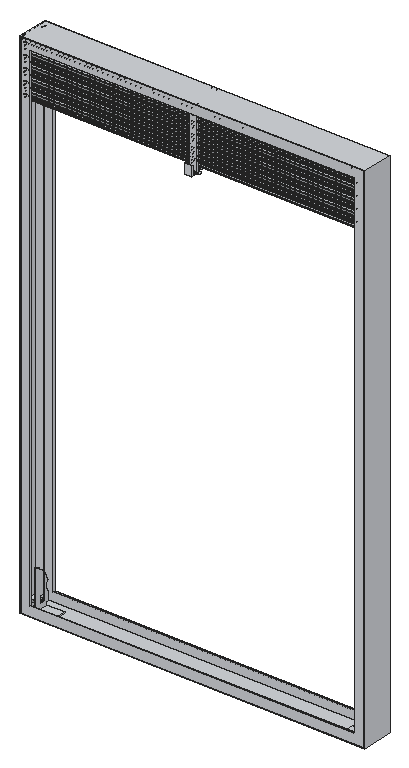
Revit family "FDD-ASL", category Mechanical Equipment, Revit 2015
Parameters
  URL = "https://unitedenertech.com/catalog/pdf/A-16%20%20FDD-ASL.pdf"
  Type Comments = "Max. Sizes are (Vertical 72\"w x 36\"h) (Horizontal 36\"w x 36\"h)"
  Model = "FDD-ASL"
  Manufacturer = "United Enertech Corporation"
  Keynote = ""
  Exact Width = 2' - 0"
  EFL Height [instance] = Blade Pair Number * 0' 0 13/32" + 0' 0 41/64"  # 0' - 4 19/64"
  Description = "Slimline Curtain Fire Damper for use in Static or Dynamic Systems"
  Depth = 0' - 2 3/16"
  Damper Height = 3' - 0"
  Blade Width [instance] = Exact Width - 0' 0 1/8"  # 1' - 11 7/8"
  Blade Pair Number [instance] = (Damper Height - 0' 0 9/128") / 0' 3 7/8"  # 9
Reference planes (in)
  plane 1 "Center (Front/Back)": y = 0
  plane 2: z = 0
  plane 3 "Center (Left/Right)": x = 0
  plane 4: x = -12
  plane 5: x = 12
  plane 6: z = 36
  plane 7: x = -11.9641
  plane 8: x = 11.9641
  plane 9: z = 0.0359
  plane 10: z = 35.9641
  plane 11: y = 1.09375
  plane 12: y = -1.09375
  plane 13: y = -0.96875
  plane 14: y = 0.96875
  plane 15: z = 0.6609
  plane 16: x = -11.3391
  plane 17: x = 11.3391
  plane 18: z = 35.3391
  plane 19: x = -0.25
  plane 20: x = 0.25
  plane 21: z = 31.66723
  plane 22: z = 31.70313
  plane 23: z = 0.2234
  plane 24: z = 35.7766
  plane 25: x = 11.7766
  plane 26: x = -11.7766
Forms (in)
  Extrusion 1, solid
    sketch origin (0, 0, 0) x (1, 0, 0) y (0, 0, 1)
      loop
        line (-11.9641, 35.9641) -> (-11.9641, 0.0359) -> (11.9641, 0.0359) -> (11.9641, 35.9641) -> (-11.9641, 35.9641)
      loop
        line (-12, 36) -> (-12, 0) -> (12, 0) -> (12, 36) -> (-12, 36)
    from -1.09375 to 1.09375
  Extrusion 2, solid
    sketch origin (0, 0, 0) x (1, 0, 0) y (0, 0, 1)
      loop
        line (-11.3391, 35.3391) -> (-11.3391, 0.6609) -> (11.3391, 0.6609) -> (11.3391, 35.3391) -> (-11.3391, 35.3391)
      loop
        line (-11.9641, 35.9641) -> (-11.9641, 0.0359) -> (11.9641, 0.0359) -> (11.9641, 35.9641) -> (-11.9641, 35.9641)
    from 0.96875 to 1.09375
  Extrusion 3, solid
    sketch origin (0, 0, 0) x (1, 0, 0) y (0, 0, 1)
      loop
        line (-11.3391, 35.3391) -> (-11.3391, 0.6609) -> (11.3391, 0.6609) -> (11.3391, 35.3391) -> (-11.3391, 35.3391)
      loop
        line (-11.9641, 35.9641) -> (-11.9641, 0.0359) -> (11.9641, 0.0359) -> (11.9641, 35.9641) -> (-11.9641, 35.9641)
    from -1.09375 to -0.96875
  Extrusion 4, solid
    sketch origin (0, 0, 0) x (0, 1, 0) y (0, 0, 1)
      loop
        line (0.96875, 35.9641) -> (0.93285, 35.9641) -> (0.93285, 31.66723) -> (1.43285, 31.66723) -> (1.43285, 32.33598) -> (1.39695, 32.33598) -> (1.39695, 31.70313) -> (0.96875, 31.70313) -> (0.96875, 35.9641)
    from -0.25 to 0.25
  Extrusion 5, solid
    sketch origin (0, 0, 0) x (0, -1, 0) y (0, 0, -1)
      loop
        line (0.96875, -35.9641) -> (0.96875, -31.70313) -> (1.39695, -31.70313) -> (1.39695, -32.33598) -> (1.43285, -32.33598) -> (1.43285, -31.66723) -> (0.93285, -31.66723) -> (0.93285, -35.9641) -> (0.96875, -35.9641)
    from -0.25 to 0.25
  Extrusion 6, solid
    sketch origin (0, 0, 0) x (0, 1, 0) y (0, 0, 1)
      loop
        line (0.18683, 0.46965) -> (0.18683, 31.66723) -> (0.15093, 31.66723) -> (0.15093, 0.46965) -> (0.18683, 0.46965)
    from 11.3391 to 11.9641
  Extrusion 7, solid
    sketch origin (0, 0, 0) x (0, 1, 0) y (0, 0, 1)
      loop
        line (0.18683, 0.46965) -> (0.18683, 31.66723) -> (0.15093, 31.66723) -> (0.15093, 0.46965) -> (0.18683, 0.46965)
    from -11.3391 to -11.9641
  Extrusion 8, solid
    sketch origin (0, 0, 0) x (0, 1, 0) y (0, 0, 1)
      loop
        arc (0.18683, 31.66723) -> (0.08831, 32.05976) -> (-0.15941, 32.37979) r 0.98736
        line (-0.15941, 32.37979) -> (-0.18442, 32.35478)
        arc (-0.18442, 32.35478) -> (0.05139, 32.04424) -> (0.15093, 31.66723) r 1.00288
        line (0.15093, 31.66723) -> (0.18683, 31.66723)
    from 11.3391 to 11.9641
  Extrusion 9, solid
    sketch origin (0, 0, 0) x (0, 1, 0) y (0, 0, 1)
      loop
        arc (0.18683, 31.66723) -> (0.08831, 32.05976) -> (-0.15941, 32.37979) r 0.98736
        line (-0.15941, 32.37979) -> (-0.18442, 32.35478)
        arc (-0.18442, 32.35478) -> (0.05139, 32.04424) -> (0.15093, 31.66723) r 1.00288
        line (0.15093, 31.66723) -> (0.18683, 31.66723)
    from -11.9641 to -11.3391
Dimensions and locks (in)
  equal spacing: plane 4, plane 3 "Center (Left/Right)", plane 5
  "Exact Width": plane 4 to plane 5
  "Damper Height": plane 6 to level
  locked: plane 7 to plane 4 at 0.0359
  locked: plane 5 to plane 8 at 0.0359
  locked: plane 6 to plane 10 at 0.0359
  locked: plane 9 to level at 0.0359
  "Depth": plane 11 to plane 12
  locked: plane 13 to plane 12 at 0.125
  locked: plane 11 to plane 14 at 0.125
  locked: plane 16 to plane 7 at 0.625
  locked: plane 8 to plane 17 at 0.625
  locked: plane 15 to plane 9 at 0.625
  locked: plane 10 to plane 18 at 0.625
  equal spacing: group 1, group 2, group 3, group 4, group 5, group 6, group 7, group 8, group 9  (x2)
  equal spacing: group 9, group 8, group 7, group 6, group 5, group 4, group 3, group 2, group 1
  locked: nested 1 to nested 2 at 0.40625
  "EFL Height": plane 10 to plane 21
  locked: plane 22 to plane 21 at 0.0359
  locked: plane 23 to level at 0.2234
  locked: plane 6 to plane 24 at 0.2234
  locked: plane 4 to plane 26 at 0.2234
  locked: plane 5 to plane 25 at 0.2234
  equal spacing: plane 11, plane 1 "Center (Front/Back)", plane 12
  aligned and locked: level to plane 2
  aligned and locked: level to Extrusion 1 sketch curve
  aligned and locked: Extrusion 1 sketch curve to plane 4
  aligned and locked: Extrusion 1 sketch curve to plane 5
  aligned and locked: Extrusion 1 sketch curve to plane 6
  aligned and locked: Extrusion 1 sketch curve to plane 10
  aligned and locked: Extrusion 1 sketch curve to plane 8
  aligned and locked: plane 9 to Extrusion 1 sketch curve
  aligned and locked: plane 7 to Extrusion 1 sketch curve
  aligned and locked: plane 9 to Extrusion 2 sketch curve
  aligned and locked: plane 7 to Extrusion 2 sketch curve
  aligned and locked: Extrusion 2 sketch curve to plane 8
  aligned and locked: Extrusion 2 sketch curve to plane 10
  aligned and locked: Extrusion 2 sketch curve to plane 18
  aligned and locked: Extrusion 2 sketch curve to plane 17
  aligned and locked: plane 15 to Extrusion 2 sketch curve
  aligned and locked: Extrusion 2 sketch curve to plane 16
  aligned and locked: plane 11 to Extrusion 3
  aligned and locked: Extrusion 3 to plane 14
  aligned and locked: plane 13 to Extrusion 2
  aligned and locked: Extrusion 2 to plane 12
  aligned and locked: plane 3 "Center (Left/Right)" to nested 1
  aligned and locked: plane 10 to nested 1
  aligned and locked: plane 19 to Extrusion 5
  aligned and locked: plane 19 to Extrusion 4
  aligned and locked: plane 20 to Extrusion 5
  aligned and locked: plane 20 to Extrusion 4
  aligned and locked: Extrusion 5 sketch curve to plane 21
  aligned and locked: plane 21 to Extrusion 4 sketch curve
  aligned and locked: plane 22 to Extrusion 4 sketch curve
  aligned and locked: Extrusion 5 sketch curve to plane 22
  aligned and locked: nested 4 to plane 22
  aligned and locked: nested 6 to plane 7
  aligned and locked: plane 8 to nested 7
  aligned and locked: Extrusion 6 sketch curve to plane 21
  aligned and locked: Extrusion 7 to plane 7
  aligned and locked: Extrusion 7 to plane 16
  aligned and locked: Extrusion 6 to plane 17
  aligned and locked: Extrusion 6 to plane 8
  aligned and locked: Extrusion 8 sketch curve to plane 21
  aligned and locked: Extrusion 9 to plane 7
  aligned and locked: Extrusion 9 to plane 16
  aligned and locked: plane 8 to Extrusion 8
  aligned and locked: Extrusion 8 to plane 17
  aligned and locked: Extrusion 1 to plane 12
  aligned and locked: plane 11 to Extrusion 1
Automatic sketch dimensions
  Extrusion 3 sketch curve to plane 7 = 0' - 0"
  Extrusion 3 sketch curve to plane 15 = 0' - 0"
  plane 16 to Extrusion 3 sketch curve = 0' - 0"
  Extrusion 3 sketch curve to plane 17 = 0' - 0"
  plane 8 to Extrusion 3 sketch curve = 0' - 0"
  Extrusion 3 sketch curve to plane 9 = 0' - 0"
  Extrusion 3 sketch curve to plane 18 = 0' - 0"
  Extrusion 3 sketch curve to plane 10 = 0' - 0"
  Extrusion 4 sketch curve to plane 10 = 0' - 0"
  Extrusion 4 sketch curve to plane 14 = 0' - 0"
  Extrusion 4 sketch curve to plane 14 = 0' - 0.0359"
  plane 11 to Extrusion 4 sketch curve = 0' - 0.3032"
  Extrusion 4 sketch curve to Extrusion 4 sketch curve = 0' - 0.0359"
  plane 22 to Extrusion 4 sketch curve = 0' - 0.63285"
  Extrusion 5 sketch curve to plane 10 = 0' - 0"
  Extrusion 5 sketch curve to plane 13 = 0' - 0"
  Extrusion 5 sketch curve to plane 13 = 0' - 0.0359"
  plane 12 to Extrusion 5 sketch curve = 0' - 0.3032"
  Extrusion 5 sketch curve to Extrusion 5 sketch curve = 0' - 0.0359"
  Extrusion 5 sketch curve to plane 22 = 0' - 0.63285"
  Extrusion 6 sketch curve to plane 1 "Center (Front/Back)" = 0' - 0.15093"
  Extrusion 6 sketch curve to Extrusion 6 sketch curve = 0' - 0.0359"
  Extrusion 6 sketch curve to plane 15 = 0' - 0.19125"
  Extrusion 7 sketch curve to plane 21 = 0' - 0"
  Extrusion 7 sketch curve to plane 1 "Center (Front/Back)" = 0' - 0.15093"
  Extrusion 7 sketch curve to Extrusion 7 sketch curve = 0' - 0.0359"
  Extrusion 7 sketch curve to plane 15 = 0' - 0.19125"
  plane 13 to Extrusion 8 sketch curve = 0' - 0.11876"
  Extrusion 8 sketch curve to Extrusion 8 sketch curve = 0' - 0.05023"
  plane 1 "Center (Front/Back)" to Extrusion 8 sketch curve = 0' - 0.18442"
  Extrusion 8 sketch curve to Extrusion 8 sketch curve = 0' - 0.02501"
  Extrusion 8 sketch curve to plane 1 "Center (Front/Back)" = 0' - 0.15093"
  Extrusion 8 sketch curve to Extrusion 8 sketch curve = 0' - 0.0359"
  Extrusion 8 sketch curve to plane 21 = 0' - 0.03898"
  Extrusion 8 sketch curve to Extrusion 8 sketch curve = 0' - 0.02364"
  Extrusion 9 sketch curve to plane 21 = 0' - 0"
  plane 13 to Extrusion 9 sketch curve = 0' - 0.11876"
  Extrusion 9 sketch curve to Extrusion 9 sketch curve = 0' - 0.05023"
  plane 1 "Center (Front/Back)" to Extrusion 9 sketch curve = 0' - 0.18442"
  Extrusion 9 sketch curve to Extrusion 9 sketch curve = 0' - 0.02501"
  Extrusion 9 sketch curve to plane 1 "Center (Front/Back)" = 0' - 0.15093"
  Extrusion 9 sketch curve to Extrusion 9 sketch curve = 0' - 0.0359"
  Extrusion 9 sketch curve to plane 21 = 0' - 0.03898"
  Extrusion 9 sketch curve to Extrusion 9 sketch curve = 0' - 0.02364"
Nested families (in)
  nested 1: "FD-SALB BLADESEDITED" at (0, 1.17008, 35.12138), type "FD-SALB BLADESEDITED"
  nested 2: "FD-SALB BLADESEDITED" at (0, 1.17008, 34.71513), type "FD-SALB BLADESEDITED"
  nested 3: "FD-SALB BLADESEDITED" at (0, 1.17008, 34.30888), type "FD-SALB BLADESEDITED"
  nested 4: "EFL" at (4.62017, 3.54736, 31.70313), type "EFL"
  nested 5: "FD-SALB BLADESEDITED" at (0, 1.17008, 33.90263), type "FD-SALB BLADESEDITED"
  nested 6: "Fire Damper Spring" at (-11.41019, -4.48368, -2.82915) x (0, 1, 0) z (0, 0, 1), type "Fire Damper Spring"
  nested 7: "Fire Damper Spring" at (11.41019, -4.48368, -2.82915) x (0, 1, 0) z (0, 0, 1), type "Fire Damper Spring"
  nested 8: "FD-SALB BLADESEDITED" at (0, 1.17008, 33.49638), type "FD-SALB BLADESEDITED"
  nested 9: "FD-SALB BLADESEDITED" at (0, 1.17008, 33.09013), type "FD-SALB BLADESEDITED"
  nested 10: "FD-SALB BLADESEDITED" at (0, 1.17008, 32.68388), type "FD-SALB BLADESEDITED"
  nested 11: "FD-SALB BLADESEDITED" at (0, 1.17008, 32.27763), type "FD-SALB BLADESEDITED"
  nested 12: "FD-SALB BLADESEDITED" at (0, 1.17008, 31.87138), type "FD-SALB BLADESEDITED"
Definition of nested family "FD-SALB BLADESEDITED"
  Parameters (values of type "FD-SALB BLADESEDITED")
    Blade Width = 1' - 11 7/8"
  Reference planes (in)
    plane 1 "Center (Front/Back)": y = 0
    plane 2: z = 0
    plane 3 "Center (Left/Right)": x = 0
    plane 4: x = -11.9375
    plane 5: x = 11.9375
  Forms (in)
    Extrusion 1, solid
      sketch origin (0, 0, 0) x (0, 1, 0) y (0, 0, 1)
        loop
          line (-0.31672, 0.53073) -> (-0.3446, 0.62657)
          arc (-0.3446, 0.62657) -> (-0.33726, 0.6415) -> (-0.32269, 0.63348) r 0.0115
          line (-0.32269, 0.63348) -> (-0.30545, 0.53536)
          arc (-0.30545, 0.53536) -> (-0.31611, 0.49773) -> (-0.35217, 0.48264) r 0.045
          line (-0.35217, 0.48264) -> (-0.39872, 0.48554)
          arc (-0.39872, 0.48554) -> (-0.42675, 0.49692) -> (-0.44125, 0.52348) r 0.045
          line (-0.44125, 0.52348) -> (-0.47071, 0.66865)
          arc (-0.47071, 0.66865) -> (-0.48965, 0.70349) -> (-0.5262, 0.7189) r 0.06
          line (-0.5262, 0.7189) -> (-1.55698, 0.78305) -> (-1.76244, 0.79584)
          arc (-1.76244, 0.79584) -> (-1.79846, 0.78683) -> (-1.82228, 0.75836) r 0.06
          line (-1.82228, 0.75836) -> (-1.88016, 0.61423)
          arc (-1.88016, 0.61423) -> (-1.90974, 0.57877) -> (-1.95445, 0.56733) r 0.075
          arc (-1.95445, 0.56733) -> (-2.03902, 0.60869) -> (-2.06957, 0.69773) r 0.123
          line (-2.06957, 0.69773) -> (-2.06418, 0.78456)
          arc (-2.06418, 0.78456) -> (-2.05371, 0.80551) -> (-2.03138, 0.81256) r 0.03
          line (-2.03138, 0.81256) -> (-1.90763, 0.80489) -> (-1.90763, 0.8362) -> (-2.01284, 0.84272) -> (-2.04641, 0.84272)
          arc (-2.04641, 0.84272) -> (-2.08042, 0.82292) -> (-2.09536, 0.7865) r 0.06125
          line (-2.09536, 0.7865) -> (-2.10077, 0.69966)
          arc (-2.10077, 0.69966) -> (-2.06244, 0.58801) -> (-1.95639, 0.53614) r 0.15425
          arc (-1.95639, 0.53614) -> (-1.89306, 0.55235) -> (-1.8512, 0.60257) r 0.10625
          line (-1.8512, 0.60257) -> (-1.7933, 0.74674)
          arc (-1.7933, 0.74674) -> (-1.78183, 0.76038) -> (-1.76452, 0.76466) r 0.02875
          line (-1.76452, 0.76466) -> (-1.55892, 0.75186) -> (-0.52813, 0.68773)
          arc (-0.52813, 0.68773) -> (-0.51045, 0.68016) -> (-0.50148, 0.66314) r 0.02875
          line (-0.50148, 0.66314) -> (-0.47199, 0.51784)
          arc (-0.47199, 0.51784) -> (-0.4474, 0.47346) -> (-0.4004, 0.45434) r 0.07625
          line (-0.4004, 0.45434) -> (-0.35398, 0.45144)
          arc (-0.35398, 0.45144) -> (-0.29278, 0.47694) -> (-0.27468, 0.54073) r 0.07625
          line (-0.27468, 0.54073) -> (-0.29191, 0.63889)
          arc (-0.29191, 0.63889) -> (-0.33988, 0.67434) -> (-0.37768, 0.6282) r 0.04327
          line (-0.37768, 0.6282) -> (-0.34677, 0.52199) -> (-0.31672, 0.53073)
      from -11.9375 to 11.9375
    Extrusion 2, solid
      sketch origin (0, 0, 0) x (0, 1, 0) y (0, 0, 1)
        loop
          arc (-0.31635, 0.67497) -> (-0.29361, 0.66856) -> (-0.28256, 0.64768) r 0.03
          line (-0.28256, 0.64768) -> (-0.2714, 0.56286)
          arc (-0.2714, 0.56286) -> (-0.29582, 0.47194) -> (-0.37737, 0.42491) r 0.123
          arc (-0.37737, 0.42491) -> (-0.42275, 0.43328) -> (-0.45469, 0.46664) r 0.075
          line (-0.45469, 0.46664) -> (-0.52225, 0.60648)
          arc (-0.52225, 0.60648) -> (-0.54755, 0.63305) -> (-0.58358, 0.63992) r 0.06
          line (-0.58358, 0.63992) -> (-0.78858, 0.61304) -> (-1.81262, 0.47877)
          arc (-1.81262, 0.47877) -> (-1.84723, 0.46173) -> (-1.86432, 0.42714) r 0.06
          line (-1.86432, 0.42714) -> (-1.88437, 0.27537)
          arc (-1.88437, 0.27537) -> (-1.89734, 0.2499) -> (-1.92301, 0.23735) r 0.045
          line (-1.92301, 0.23735) -> (-1.96868, 0.2314)
          arc (-1.96868, 0.2314) -> (-2.00696, 0.24361) -> (-2.02023, 0.28153) r 0.045
          line (-2.02023, 0.28153) -> (-2.00995, 0.379)
          arc (-2.00995, 0.379) -> (-1.99657, 0.38882) -> (-1.98728, 0.37505) r 0.0115
          line (-1.98728, 0.37505) -> (-2.00879, 0.27676) -> (-1.97772, 0.26996) -> (-1.95543, 0.37179)
          arc (-1.95543, 0.37179) -> (-1.99381, 0.41919) -> (-2.04121, 0.38081) r 0.04313
          line (-2.04121, 0.38081) -> (-2.05127, 0.28509)
          arc (-2.05127, 0.28509) -> (-2.02877, 0.22122) -> (-1.96431, 0.20045) r 0.07625
          line (-1.96431, 0.20045) -> (-1.91897, 0.20638)
          arc (-1.91897, 0.20638) -> (-1.87533, 0.22771) -> (-1.85342, 0.27106) r 0.07625
          line (-1.85342, 0.27106) -> (-1.83333, 0.42305)
          arc (-1.83333, 0.42305) -> (-1.82514, 0.43962) -> (-1.80853, 0.44779) r 0.02875
          line (-1.80853, 0.44779) -> (-0.78452, 0.58205) -> (-0.57967, 0.60892)
          arc (-0.57967, 0.60892) -> (-0.56246, 0.60559) -> (-0.55039, 0.5929) r 0.02875
          line (-0.55039, 0.5929) -> (-0.48278, 0.45303)
          arc (-0.48278, 0.45303) -> (-0.4376, 0.40578) -> (-0.37331, 0.39393) r 0.10625
          arc (-0.37331, 0.39393) -> (-0.27103, 0.4529) -> (-0.24041, 0.56695) r 0.15425
          line (-0.24041, 0.56695) -> (-0.2515, 0.65113)
          arc (-0.2515, 0.65113) -> (-0.27433, 0.69316) -> (-0.32041, 0.70596) r 0.06125
          line (-0.32041, 0.70596) -> (-0.44437, 0.68971) -> (-0.44031, 0.65872) -> (-0.31635, 0.67497)
      from -11.9375 to 11.9375
  Dimensions and locks (in)
    equal spacing: plane 4, plane 3 "Center (Left/Right)", plane 5
    "Blade Width": plane 4 to plane 5
    aligned and locked: level to plane 2
    aligned and locked: plane 4 to Extrusion 1
    aligned and locked: plane 4 to Extrusion 2
    aligned and locked: plane 5 to Extrusion 1
    aligned and locked: plane 5 to Extrusion 2
  Automatic sketch dimensions
    Extrusion 2 sketch curve to Extrusion 2 sketch curve = 0' - 0"  (x35)
    level to Extrusion 2 sketch curve = 0' - 0.28509"
    plane 1 "Center (Front/Back)" to Extrusion 2 sketch curve = 0' - 2.05127"
    level to Extrusion 2 sketch curve = 0' - 0.38081"
    Extrusion 2 sketch curve to Extrusion 2 sketch curve = 0' - 0.01006"
    level to Extrusion 2 sketch curve = 0' - 0.28153"
    Extrusion 2 sketch curve to Extrusion 2 sketch curve = 0' - 0.03105"
    level to Extrusion 2 sketch curve = 0' - 0.27676"
    Extrusion 2 sketch curve to Extrusion 2 sketch curve = 0' - 0.01143"  (x2)
    Extrusion 2 sketch curve to Extrusion 2 sketch curve = 0' - 0.04266"
    Extrusion 2 sketch curve to Extrusion 2 sketch curve = 0' - 0.00023"
    level to Extrusion 2 sketch curve = 0' - 0.26996"
    Extrusion 2 sketch curve to Extrusion 2 sketch curve = 0' - 0.03107"
    Extrusion 2 sketch curve to Extrusion 2 sketch curve = 0' - 0.00213"
    level to Extrusion 2 sketch curve = 0' - 0.2314"
    Extrusion 2 sketch curve to Extrusion 2 sketch curve = 0' - 0.00904"
    level to Extrusion 2 sketch curve = 0' - 0.20045"
    level to Extrusion 2 sketch curve = 0' - 0.37179"
    Extrusion 2 sketch curve to Extrusion 2 sketch curve = 0' - 0.0467"
    level to Extrusion 2 sketch curve = 0' - 0.27537"
    Extrusion 2 sketch curve to Extrusion 2 sketch curve = 0' - 0.04451"
    level to Extrusion 2 sketch curve = 0' - 0.27106"
    Extrusion 2 sketch curve to Extrusion 2 sketch curve = 0' - 0.03095"
    Extrusion 2 sketch curve to Extrusion 2 sketch curve = 0' - 0.0486"
    plane 1 "Center (Front/Back)" to Extrusion 2 sketch curve = 0' - 0.78452"
    Extrusion 2 sketch curve to Extrusion 2 sketch curve = 0' - 0.20094"
    Extrusion 2 sketch curve to Extrusion 2 sketch curve = 0' - 0 1/256"  (x2)
    Extrusion 2 sketch curve to Extrusion 2 sketch curve = 0' - 0.0034"
    Extrusion 2 sketch curve to Extrusion 2 sketch curve = 0' - 0.13921"
    Extrusion 2 sketch curve to Extrusion 2 sketch curve = 0' - 0.00406"  (x3)
    Extrusion 2 sketch curve to Extrusion 2 sketch curve = 0' - 0.04695"
    Extrusion 2 sketch curve to Extrusion 2 sketch curve = 0' - 0.00624"
    Extrusion 2 sketch curve to Extrusion 2 sketch curve = 0' - 0.0809"
    Extrusion 2 sketch curve to Extrusion 2 sketch curve = 0' - 0.0299"
    Extrusion 2 sketch curve to Extrusion 2 sketch curve = 0' - 0.03106"
    Extrusion 2 sketch curve to Extrusion 2 sketch curve = 0' - 0.00661"
    Extrusion 2 sketch curve to Extrusion 2 sketch curve = 0' - 0.00119"
    Extrusion 2 sketch curve to Extrusion 2 sketch curve = 0' - 0.14822"
    level to Extrusion 2 sketch curve = 0' - 0.49927"
    Extrusion 2 sketch curve to Extrusion 2 sketch curve = 0' - 0.04759"
    Extrusion 2 sketch curve to Extrusion 2 sketch curve = 0' - 0.0335"
    Extrusion 2 sketch curve to Extrusion 2 sketch curve = 0' - 0.00168"
    Extrusion 2 sketch curve to Extrusion 2 sketch curve = 0' - 0.02855"
    Extrusion 2 sketch curve to Extrusion 2 sketch curve = 0' - 0.031"
    Extrusion 2 sketch curve to Extrusion 2 sketch curve = 0' - 0.09835"
    Extrusion 2 sketch curve to Extrusion 2 sketch curve = 0' - 0.00246"
    Extrusion 2 sketch curve to Extrusion 2 sketch curve = 0' - 0.00345"
    Extrusion 2 sketch curve to Extrusion 2 sketch curve = 0' - 0.11186"
    Extrusion 2 sketch curve to Extrusion 2 sketch curve = 0' - 0.03098"  (x3)
    level to Extrusion 2 sketch curve = 0' - 0.37898"
    Extrusion 2 sketch curve to Extrusion 2 sketch curve = 0' - 0.00003"  (x4)
    Extrusion 2 sketch curve to Extrusion 2 sketch curve = 0' - 0.01101"
    level to Extrusion 2 sketch curve = 0' - 0.37505"
    Extrusion 2 sketch curve to Extrusion 2 sketch curve = 0' - 0.00585"
    level to Extrusion 2 sketch curve = 0' - 0.23735"
    Extrusion 2 sketch curve to Extrusion 2 sketch curve = 0' - 0.00404"
    level to Extrusion 2 sketch curve = 0' - 0.20636"
    level to Extrusion 2 sketch curve = 0' - 0.42714"
    Extrusion 2 sketch curve to Extrusion 2 sketch curve = 0' - 0.0595"
    level to Extrusion 2 sketch curve = 0' - 0.42305"
    Extrusion 2 sketch curve to Extrusion 2 sketch curve = 0' - 0.02852"
    Extrusion 2 sketch curve to Extrusion 2 sketch curve = 0' - 0.0207"
    level to Extrusion 2 sketch curve = 0' - 0.47878"
    Extrusion 2 sketch curve to Extrusion 2 sketch curve = 0' - 0.00374"
    level to Extrusion 2 sketch curve = 0' - 0.44779"
    Extrusion 2 sketch curve to Extrusion 2 sketch curve = 0' - 0.02588"
    Extrusion 2 sketch curve to Extrusion 2 sketch curve = 0' - 0.02814"
    Extrusion 2 sketch curve to Extrusion 2 sketch curve = 0' - 0.0957"
    Extrusion 2 sketch curve to Extrusion 2 sketch curve = 0' - 0.00004"  (x2)
    Extrusion 2 sketch curve to Extrusion 2 sketch curve = 0' - 0.02809"
    Extrusion 2 sketch curve to Extrusion 2 sketch curve = 0' - 0.00975"
    Extrusion 2 sketch curve to Extrusion 2 sketch curve = 0' - 0.00796"
    Extrusion 2 sketch curve to Extrusion 2 sketch curve = 0' - 0.01116"
    Extrusion 2 sketch curve to Extrusion 2 sketch curve = 0' - 0.00002"
    Extrusion 1 sketch curve to Extrusion 1 sketch curve = 0' - 0"  (x30)
    level to Extrusion 1 sketch curve = 0' - 0.7827"
    plane 1 "Center (Front/Back)" to Extrusion 1 sketch curve = 0' - 2.03423"
    Extrusion 1 sketch curve to Extrusion 1 sketch curve = 0' - 0.00284"
    Extrusion 1 sketch curve to Extrusion 1 sketch curve = 0' - 0.01854"
    Extrusion 1 sketch curve to Extrusion 1 sketch curve = 0' - 0.08443"
    Extrusion 1 sketch curve to Extrusion 1 sketch curve = 0' - 0.00298"
    Extrusion 1 sketch curve to Extrusion 1 sketch curve = 0' - 0.03918"
    Extrusion 1 sketch curve to Extrusion 1 sketch curve = 0' - 0.14102"
    level to Extrusion 1 sketch curve = 0' - 0.76466"
    Extrusion 1 sketch curve to Extrusion 1 sketch curve = 0' - 0.00209"
    level to Extrusion 1 sketch curve = 0' - 0.79584"
    Extrusion 1 sketch curve to Extrusion 1 sketch curve = 0' - 0.00208"  (x2)
    level to Extrusion 1 sketch curve = 0' - 0.75186"
    Extrusion 1 sketch curve to Extrusion 1 sketch curve = 0' - 0.2056"
    Extrusion 1 sketch curve to Extrusion 1 sketch curve = 0' - 0.00194"  (x2)
    plane 1 "Center (Front/Back)" to Extrusion 1 sketch curve = 0' - 0.52993"
    Extrusion 1 sketch curve to Extrusion 1 sketch curve = 0' - 0.02845"
    Extrusion 1 sketch curve to Extrusion 1 sketch curve = 0' - 0.02949"
    Extrusion 1 sketch curve to Extrusion 1 sketch curve = 0' - 0.03077"  (x2)
    Extrusion 1 sketch curve to Extrusion 1 sketch curve = 0' - 0.03074"
    Extrusion 1 sketch curve to Extrusion 1 sketch curve = 0' - 0.04085"
    Extrusion 1 sketch curve to Extrusion 1 sketch curve = 0' - 0.00168"
    Extrusion 1 sketch curve to Extrusion 1 sketch curve = 0' - 0.04445"
    Extrusion 1 sketch curve to Extrusion 1 sketch curve = 0' - 0.01912"
    Extrusion 1 sketch curve to Extrusion 1 sketch curve = 0' - 0.04641"
    Extrusion 1 sketch curve to Extrusion 1 sketch curve = 0' - 0.00182"
    Extrusion 1 sketch curve to Extrusion 1 sketch curve = 0' - 0.00238"
    Extrusion 1 sketch curve to Extrusion 1 sketch curve = 0' - 0.00302"
    Extrusion 1 sketch curve to Extrusion 1 sketch curve = 0' - 0.03307"
    Extrusion 1 sketch curve to Extrusion 1 sketch curve = 0' - 0.01008"
    Extrusion 1 sketch curve to Extrusion 1 sketch curve = 0' - 0.00072"
    Extrusion 1 sketch curve to Extrusion 1 sketch curve = 0' - 0.01112"
    Extrusion 1 sketch curve to Extrusion 1 sketch curve = 0' - 0.03006"
    Extrusion 1 sketch curve to Extrusion 1 sketch curve = 0' - 0.03078"
    Extrusion 1 sketch curve to Extrusion 1 sketch curve = 0' - 0.02867"
    Extrusion 1 sketch curve to Extrusion 1 sketch curve = 0' - 0.09261"
    level to Extrusion 1 sketch curve = 0' - 0.66865"
    Extrusion 1 sketch curve to Extrusion 1 sketch curve = 0' - 0.00551"
    Extrusion 1 sketch curve to Extrusion 1 sketch curve = 0' - 0.00412"
    Extrusion 1 sketch curve to Extrusion 1 sketch curve = 0' - 0.04791"
    Extrusion 1 sketch curve to Extrusion 1 sketch curve = 0' - 0.02976"
    Extrusion 1 sketch curve to Extrusion 1 sketch curve = 0' - 0.00541"
    Extrusion 1 sketch curve to Extrusion 1 sketch curve = 0' - 0.00087"
    Extrusion 1 sketch curve to Extrusion 1 sketch curve = 0' - 0.00852"
    Extrusion 1 sketch curve to Extrusion 1 sketch curve = 0' - 0.00559"
    Extrusion 1 sketch curve to Extrusion 1 sketch curve = 0' - 0.00702"
    Extrusion 1 sketch curve to Extrusion 1 sketch curve = 0' - 0.00564"
    Extrusion 1 sketch curve to Extrusion 1 sketch curve = 0' - 0.03935"
    Extrusion 1 sketch curve to Extrusion 1 sketch curve = 0' - 0.0312"
    Extrusion 1 sketch curve to Extrusion 1 sketch curve = 0' - 0.03119"
    Extrusion 1 sketch curve to Extrusion 1 sketch curve = 0' - 0.1148"
    Extrusion 1 sketch curve to Extrusion 1 sketch curve = 0' - 0.03131"
    Extrusion 1 sketch curve to Extrusion 1 sketch curve = 0' - 0.02994"
    level to Extrusion 1 sketch curve = 0' - 0.78456"
    Extrusion 1 sketch curve to Extrusion 1 sketch curve = 0' - 0.00539"
    level to Extrusion 1 sketch curve = 0' - 0.69772"
    Extrusion 1 sketch curve to Extrusion 1 sketch curve = 0' - 0.03117"
    Extrusion 1 sketch curve to Extrusion 1 sketch curve = 0' - 0.03118"
    level to Extrusion 1 sketch curve = 0' - 0.69966"
    Extrusion 1 sketch curve to Extrusion 1 sketch curve = 0' - 0.03357"
    Extrusion 1 sketch curve to Extrusion 1 sketch curve = 0' - 0.0066"
    Extrusion 1 sketch curve to Extrusion 1 sketch curve = 0' - 0.06959"
    level to Extrusion 1 sketch curve = 0' - 0.61423"
    Extrusion 1 sketch curve to Extrusion 1 sketch curve = 0' - 0.00004"  (x2)
    Extrusion 1 sketch curve to Extrusion 1 sketch curve = 0' - 0.02896"
    level to Extrusion 1 sketch curve = 0' - 0.60259"
    level to Extrusion 1 sketch curve = 0' - 0.75838"
    Extrusion 1 sketch curve to Extrusion 1 sketch curve = 0' - 0.05778"
    level to Extrusion 1 sketch curve = 0' - 0.74674"
    Extrusion 1 sketch curve to Extrusion 1 sketch curve = 0' - 0.02669"
    Extrusion 1 sketch curve to Extrusion 1 sketch curve = 0' - 0.00179"
    Extrusion 1 sketch curve to Extrusion 1 sketch curve = 0' - 0.00193"
    Extrusion 1 sketch curve to Extrusion 1 sketch curve = 0' - 0.01125"
    Extrusion 1 sketch curve to Extrusion 1 sketch curve = 0' - 0.00003"
    Extrusion 1 sketch curve to Extrusion 1 sketch curve = 0' - 0.05622"
    Extrusion 1 sketch curve to Extrusion 1 sketch curve = 0' - 0.03016"
Definition of nested family "EFL"
  Reference planes (in)
    plane 1 "Center (Front/Back)": y = 0
    plane 2: z = 0
    plane 3 "Center (Left/Right)": x = 0
  Forms (in)
    Extrusion 1, solid
      sketch origin (0, 0, 0) x (1, 0, 0) y (0, 1, 0)
        loop
          arc (-4.87017, -4.05324) -> (-4.81525, -4.18582) -> (-4.68267, -4.24074) r 0.1875
          line (-4.68267, -4.24074) -> (-4.55767, -4.24074)
          arc (-4.55767, -4.24074) -> (-4.42508, -4.18582) -> (-4.37017, -4.05324) r 0.1875
          line (-4.37017, -4.05324) -> (-4.37017, -3.41574) -> (-4.87017, -3.41574) -> (-4.87017, -4.05324)
        loop
          circle (-4.62017, -4.05324) r 0.0625
      from 0.1 to 0.05
    Extrusion 2, solid
      sketch origin (-9.24033, -7.08147, 0) x (-1, 0, 0) y (0, -1, 0)
        loop
          arc (-4.87017, -4.05324) -> (-4.81525, -4.18582) -> (-4.68267, -4.24074) r 0.1875
          line (-4.68267, -4.24074) -> (-4.55767, -4.24074)
          arc (-4.55767, -4.24074) -> (-4.42508, -4.18582) -> (-4.37017, -4.05324) r 0.1875
          line (-4.37017, -4.05324) -> (-4.37017, -3.41574) -> (-4.87017, -3.41574) -> (-4.87017, -4.05324)
        loop
          circle (-4.62017, -4.05324) r 0.0625
      from 0 to 0.05
    Sweep 3, solid
      path in 3D
        loop
          line (-4.62017, -4.16421, 0) -> (-4.62017, -4.22608, 0)
          arc (-4.62017, -4.22608, 0) -> (-4.65678, -4.31447, 0) -> (-4.74517, -4.35108, 0) r 0.125
          line (-4.74517, -4.35108, 0) -> (-4.92568, -4.35108, 0)
          arc (-4.92568, -4.35108, 0) -> (-5.02859, -4.454, 0) -> (-4.92568, -4.55691, 0) r 0.10291
          line (-4.92568, -4.55691, 0) -> (-4.62017, -4.55691, 0) -> (-4.31465, -4.55691, 0)
          arc (-4.31465, -4.55691, 0) -> (-4.21174, -4.454, 0) -> (-4.31465, -4.35108, 0) r 0.10291
          line (-4.31465, -4.35108, 0) -> (-4.58427, -4.35108, 0)
      profile origin (-4.62017, -4.19515, 0) x (1, 0, 0) y (0, 0, 1)
        loop
          circle (0, 0) r 0.03202
    Sweep 4, solid
      path in 3D
        loop
          line (-4.62017, -4.283, 0.1526) -> (-4.62017, -4.12297, 0.1526)
          arc (-4.62017, -4.12297, 0.1526) -> (-4.62017, -4.04635, 0.07598) -> (-4.62017, -4.12297, -0.00063) r 0.07662
          line (-4.62017, -4.12297, -0.00063) -> (-4.62017, -4.16421, -0.00063)
      profile origin (-4.62017, -4.14359, -0.00063) x (0, 0, -1) y (1, 0, 0)
        loop
          circle (0, 0) r 0.03138
    Sweep 5, solid
      path in 3D
        loop
          line (-4.62017, -2.91726, 0) -> (-4.62017, -2.85539, 0)
          arc (-4.62017, -2.85539, 0) -> (-4.65678, -2.767, 0) -> (-4.74517, -2.73039, 0) r 0.125
          line (-4.74517, -2.73039, 0) -> (-4.92568, -2.73039, 0)
          arc (-4.92568, -2.73039, 0) -> (-5.02859, -2.62747, 0) -> (-4.92568, -2.52456, 0) r 0.10291
          line (-4.92568, -2.52456, 0) -> (-4.62017, -2.52456, 0) -> (-4.31465, -2.52456, 0)
          arc (-4.31465, -2.52456, 0) -> (-4.21174, -2.62747, 0) -> (-4.31465, -2.73039, 0) r 0.10291
          line (-4.31465, -2.73039, 0) -> (-4.58427, -2.73039, 0)
      profile origin (-4.62017, -2.88633, 0) x (-1, 0, 0) y (0, 0, 1)
        loop
          circle (0, 0) r 0.03202
    Sweep 6, solid
      path in 3D
        loop
          line (-4.62017, -2.79848, 0.1526) -> (-4.62017, -2.95851, 0.1526)
          arc (-4.62017, -2.95851, 0.1526) -> (-4.62017, -3.03512, 0.07598) -> (-4.62017, -2.95851, -0.00063) r 0.07662
          line (-4.62017, -2.95851, -0.00063) -> (-4.62017, -2.91726, -0.00063)
      profile origin (-4.62017, -2.93788, -0.00063) x (0, 0, 1) y (1, 0, 0)
        loop
          circle (0, 0) r 0.03138
  Lines and regions (in)
    sketch lines
      curve 1: line (-4.62017, -4.16421, 0) -> (-4.62017, -4.22608, 0)
      curve 2: arc (-4.74517, -4.35108, 0) -> (-4.65678, -4.31447, 0) -> (-4.62017, -4.22608, 0) r 0.125
      curve 3: line (-4.74517, -4.35108, 0) -> (-4.92568, -4.35108, 0)
      curve 4: arc (-4.92568, -4.35108, 0) -> (-5.02859, -4.454, 0) -> (-4.92568, -4.55691, 0) r 0.10291
      curve 5: line (-4.62017, -4.55691, 0) -> (-4.92568, -4.55691, 0)
      curve 6: line (-4.62017, -4.55691, 0) -> (-4.31465, -4.55691, 0)
      curve 7: arc (-4.31465, -4.55691, 0) -> (-4.21174, -4.454, 0) -> (-4.31465, -4.35108, 0) r 0.10291
      curve 8: line (-4.58427, -4.35108, 0) -> (-4.31465, -4.35108, 0)
      curve 9: line (-4.62017, -4.12297, -0.00063) -> (-4.62017, -4.16421, -0.00063)
      curve 10: arc (-4.62017, -4.12297, -0.00063) -> (-4.62017, -4.04635, 0.07598) -> (-4.62017, -4.12297, 0.1526) r 0.07662
      curve 11: line (-4.62017, -4.12297, 0.1526) -> (-4.62017, -4.283, 0.1526)
      curve 12: line (-4.62017, -2.91726, 0) -> (-4.62017, -2.85539, 0)
      curve 13: arc (-4.74517, -2.73039, 0) -> (-4.65678, -2.767, 0) -> (-4.62017, -2.85539, 0) r 0.125
      curve 14: line (-4.74517, -2.73039, 0) -> (-4.92568, -2.73039, 0)
      curve 15: arc (-4.92568, -2.73039, 0) -> (-5.02859, -2.62747, 0) -> (-4.92568, -2.52456, 0) r 0.10291
      curve 16: line (-4.62017, -2.52456, 0) -> (-4.92568, -2.52456, 0)
      curve 17: line (-4.62017, -2.52456, 0) -> (-4.31465, -2.52456, 0)
      curve 18: arc (-4.31465, -2.52456, 0) -> (-4.21174, -2.62747, 0) -> (-4.31465, -2.73039, 0) r 0.10291
      curve 19: line (-4.58427, -2.73039, 0) -> (-4.31465, -2.73039, 0)
      curve 20: line (-4.62017, -2.95851, -0.00063) -> (-4.62017, -2.91726, -0.00063)
      curve 21: arc (-4.62017, -2.95851, -0.00063) -> (-4.62017, -3.03512, 0.07598) -> (-4.62017, -2.95851, 0.1526) r 0.07662
      curve 22: line (-4.62017, -2.95851, 0.1526) -> (-4.62017, -2.79848, 0.1526)
  Dimensions and locks (in)
    aligned and locked: level to plane 2
Definition of nested family "Fire Damper Spring"
  Reference planes (in)
    plane 1 "Center (Front/Back)": y = 0
    plane 2: z = 0
    plane 3 "Center (Left/Right)": x = 0
  Forms (in)
    Extrusion 1, solid
      sketch origin (-1.85058, 0, 0) x (1, 0, 0) y (0, 0, 1)
        loop
          line (5.83358, 5.61505) -> (5.83358, 2.86505) -> (6.70858, 2.86505) -> (6.70858, 3.11505) -> (6.83358, 3.11505) -> (6.83358, 3.74645) -> (6.70858, 4.08156) -> (6.70858, 4.28395) -> (6.83358, 4.40895)
          arc (6.83358, 4.40895) -> (6.47375, 5.12822) -> (5.83358, 5.61505) r 1.77618
        loop
          line (6.15858, 3.72986) -> (6.15858, 3.22986) -> (6.50858, 3.22986) -> (6.50858, 3.72986) -> (6.15858, 3.72986)
      from 0 to 0.06
    Extrusion 2, solid
      sketch origin (0, 0, 0) x (1, 0, 0) y (0, 0, 1)
        loop
          line (3.983, 2.86505) -> (4.858, 2.86505) -> (4.858, 2.92505) -> (3.983, 2.92505) -> (3.983, 2.86505)
      from 0.06 to 1.375
    Extrusion 3, solid
      sketch origin (-1.27452, 0, -0.02337) x (1, 0, 0) y (0, 0, 1)
        loop
          circle (5.75753, 3.32218) r 0.1875
        loop
          circle (5.75753, 3.32218) r 0.16
      from 0 to -0.5
    Extrusion 4, solid
      sketch origin (0, 0, 0) x (1, 0, 0) y (0, 0, 1)
        loop
          line (4.38792, 3.22986) -> (4.38792, 3.16986) -> (4.57943, 3.16986) -> (4.57943, 3.22986) -> (4.38792, 3.22986)
      from 0 to -0.55391
  Dimensions and locks (in)
    aligned and locked: level to plane 2
